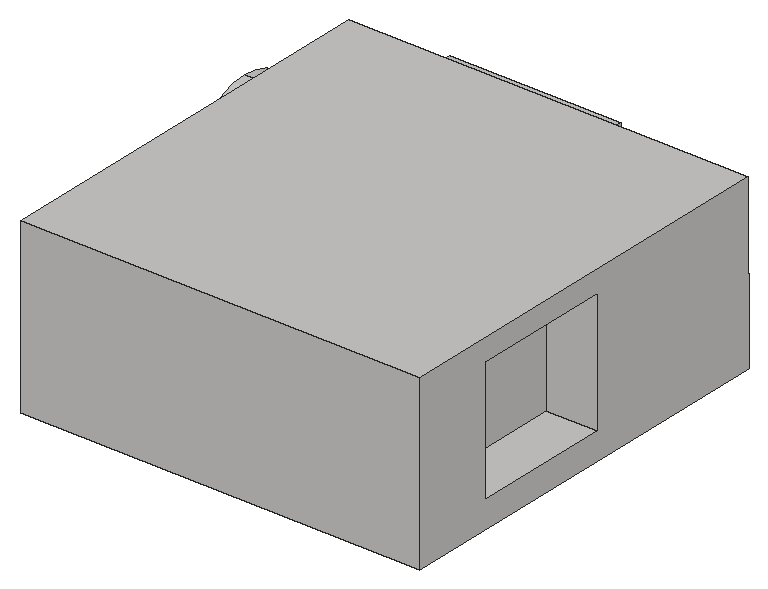
Revit family
Parameters
  Width = 4' - 0 1/8"
  Voltage = 120 V
  Unit Weight = "220.0 lbs"
  UltraLoc Liner = Choose Liner Option = 3  # no
  URL = "http://www.titus-hvac.com/"
  UL = "181"
  Supply Air Flow [instance] = 0 CFM
  SteriLoc Liner = Choose Liner Option = 2  # no
  Primary Air Pressure Drop [instance] = 0.00 in-wg
  Primary Air Flow [instance] = 0 CFM
  Plenum Air Pressure Drop [instance] = 0.00 in-wg
  Plenum Air Flow [instance] = 0 CFM
  Outlet Width = 1' - 4 1/2"
  Outlet Vertical Offset = 0' - 1 1/8"
  Outlet Horizontal Offset = 0' - 1 3/8"
  Outlet Height = 1' - 2 1/2"
  Number of Poles = 1
  Nominal Width = Width + 0' 6 1/4"  # 4' - 6 3/8"
  Nominal Length = Length + 0' 3 3/8"  # 4' - 2 1/4"
  Nominal Inlet Size = 1' - 4"
  Nominal Height = 1' - 8 1/8"
  NFPA = "90A"
  Motor Full Load Amps = 10 A
  Model = "DTQS"
  Min. Air Flow = 0 CFM
  Max. Air Flow = 0 CFM
  Material = Galvanized Steel
  Manufacturer = "Titus"
  Length = 3' - 10 7/8"
  Juction Box Offset = 0' - 6 7/8"
  Inlet Diameter = Nominal Inlet Size - 0' 0 1/8"  # 1' - 3 7/8"
  Induced offset = 0' - 1 1/4"
  Induced Air Inlet Offset = 0' - 4 1/2"
  Induced Air Inlet Width = 1' - 9"
  Induced Air Inlet Height = 1' - 5 1/2"
  Induced Air Filter = no
  Heating Total Capacity [instance] = 0 Btu/h
  Half Outlet Connection Width = Outlet Width / 2  # 0' - 8 1/4"
  Half Outlet Connection Height = Outlet Height / 2  # 0' - 7 1/4"
  Half Height Start = -(Nominal Height / 2)  # -0' - 10 1/16"
  Half Height End = Nominal Height / 2  # 0' - 10 1/16"
  HP-Motor = "1/3"
  Frequency = 60 Hz
  Filter Size = "27\"x20\""
  Fiber Free Liner = Choose Liner Option = 1  # no
  Fan Disconnect Switch = no
  Duct Radius = Nominal Inlet Size / 2  # 0' - 8"
  Description = "Series Fan Powered Terminal Unit, Direct Digital Control, Pressure Independent"
  Connection Void Radius = Connection Radius - 0' 0 1/4"  # 0' - 7 11/16"
  Connection Radius = Inlet Diameter / 2  # 0' - 7 15/16"
  Choose Liner Option = 0
  CADworks URL = "www.CADworks.net"
  Assembly Code = "D3040100"
  Apparent Power = Voltage * Motor Full Load Amps  # 1200 VA
  Air Inlet Offset = 0' - 11"
  1/2" Fiberglass Liner = Choose Liner Option = 0  # yes
Reference planes (in)
  plane 1 "Center (Front/Back)": y = 0
  plane 2: z = 0
  plane 3 "Center (Left/Right)": x = 3
  plane 4: x = -20.4375
  plane 5: x = 26.4375
  plane 6: x = -13.5625
  plane 7: x = -23.8125
  plane 8 "Center (Elevation)": z = 0
  plane 9: y = -24.0625
  plane 10: y = 24.0625
  plane 11: y = 13.0625
  plane 12: y = -19.5625
  plane 13: x = 20.4375
  plane 14: y = 30.3125
  plane 15: z = 10.0625
  plane 16: z = -10.0625
Forms (in)
  Extrusion 1, solid, material "Galvanized Steel" <- "Material"
    sketch origin (0, 0, 52) x (1, 0, 0) y (0, 1, 0)
      loop
        line (-20.4375, 24.0625) -> (-20.4375, -24.0625) -> (26.4375, -24.0625) -> (26.4375, 24.0625) -> (-20.4375, 24.0625)
    from -62.0625 <- "Half Height Start" to -41.9375 <- "Half Height End"
  Extrusion 2, solid, material "Galvanized Steel" <- "Material"
    sketch origin (5.0625, 0, -6) x (1, 0, 0) y (0, 1, 0)
      loop
        line (-18.625, 24.0625) -> (1.375, 24.0625) -> (1.375, 30.3125) -> (-18.625, 30.3125) -> (-18.625, 24.0625)
    from 0 to 12
  Extrusion 3, void
    sketch origin (26.4375, 24.0625, 53.125) x (0, 1, 0) y (0, 0, -1)
      loop
        line (-22.125, 45.5625) -> (-22.125, 60.0625) -> (-38.625, 60.0625) -> (-38.625, 45.5625) -> (-22.125, 45.5625)
    from 0 to 6
  Extrusion 4, solid, material "Galvanized Steel" <- "Material"
    sketch origin (-24.875, 0.5625, 0) x (0, 0, -1) y (0, 1, 0)
      loop
        circle (0, 12.5) r 7.9375
    from 1.0625 to 4.4375
  Extrusion 5, void
    sketch origin (-24.875, 0, 0) x (0, 1, 0) y (0, 0, 1)
      loop
        circle (13.0625, 0) r 7.6875
    from 1.0625 to 11.3125
  Extrusion 6, void
    sketch origin (-20.4375, -24.0625, 52) x (0, -1, 0) y (0, 0, -1)
      loop
        line (-25.5, 43.3125) -> (-4.5, 43.3125) -> (-4.5, 60.8125) -> (-25.5, 60.8125) -> (-25.5, 43.3125)
    from 0 to 6.875
Cuts and joins
  Extrusion 3, Extrusion 5, Extrusion 6 cuts Extrusion 1
  Extrusion 5 cuts Extrusion 4
Dimensions and locks (in)
  "Length": plane 5 to plane 4
  equal spacing: plane 5, plane 3 "Center (Left/Right)", plane 4
  locked: Extrusion 2 to plane 6 at 0
  locked: Extrusion 2 to Extrusion 2 at 20
  "Juction Box Offset": plane 6 to plane 4
  "Outlet Height": Extrusion 3 sketch curve to Extrusion 3 sketch curve
  "Outlet Width": Extrusion 3 sketch curve to Extrusion 3 sketch curve
  locked: plane 4 to plane 7 at 3.375
  "Width": plane 9 to plane 10
  equal spacing: plane 9, plane 1 "Center (Front/Back)", plane 10
  locked: Extrusion 4 sketch curve to level at 0
  locked: Extrusion 4 sketch curve to plane 11 at 0
  locked: Extrusion 5 sketch curve to level at 0
  locked: Extrusion 5 sketch curve to plane 11 at 0
  locked: Extrusion 2 to Extrusion 2 at 6.25
  "Air Inlet Offset": plane 10 to plane 11
  locked: Extrusion 2 to plane 10 at 0
  locked: cut or joined group of Extrusion 4, Extrusion 5 to plane 7 at 0
  locked: cut or joined group of Extrusion 4, Extrusion 5 to cut or joined group of Extrusion 4, Extrusion 5 at 3.375
  "Induced Air Inlet Offset": plane 9 to plane 12
  "Induced Air Inlet Width": Extrusion 6 sketch curve to Extrusion 6 sketch curve
  "Induced Air Inlet Height": Extrusion 6 sketch curve to Extrusion 6 sketch curve
  "Induced Air Inlet Offset": Extrusion 6 sketch curve to plane 9
  locked: plane 9 to Extrusion 3 sketch curve at 9.5
  cut or joined group of Extrusion 1, Extrusion 3, Extrusion 5, Extrusion 6 to Extrusion 3 sketch curve = 0' - 3 1/8"
  locked: Extrusion 2 to Extrusion 2 at 12
  equal spacing: Extrusion 2, level, Extrusion 2
  locked: cut or joined group of Extrusion 1, Extrusion 3, Extrusion 5, Extrusion 6 to cut or joined group of Extrusion 1, Extrusion 3, Extrusion 5, Extrusion 6 at 20.125
  equal spacing: cut or joined group of Extrusion 1, Extrusion 3, Extrusion 5, Extrusion 6, level, cut or joined group of Extrusion 1, Extrusion 3, Extrusion 5, Extrusion 6
  "Induced offset": Extrusion 6 sketch curve to cut or joined group of Extrusion 1, Extrusion 3, Extrusion 5, Extrusion 6
  "Connection Radius": radius of Extrusion 4 sketch curve
  "Connection Void Radius": radius of Extrusion 5 sketch curve
  aligned and locked: plane 6 to Extrusion 6
  aligned and locked: Extrusion 3 to plane 13
  aligned and locked: plane 5 to cut or joined group of Extrusion 1, Extrusion 3, Extrusion 5, Extrusion 6
  aligned and locked: cut or joined group of Extrusion 1, Extrusion 3, Extrusion 5, Extrusion 6 to plane 4
  aligned and locked: cut or joined group of Extrusion 1, Extrusion 3, Extrusion 5, Extrusion 6 to plane 10
  aligned and locked: plane 9 to cut or joined group of Extrusion 1, Extrusion 3, Extrusion 5, Extrusion 6
  aligned and locked: Extrusion 1 to Extrusion 6
  aligned and locked: Extrusion 5 to plane 7
  aligned and locked: plane 6 to Extrusion 5
Automatic sketch dimensions
  Extrusion 1 sketch curve to plane 4 = 0' - 0"
  plane 5 to Extrusion 1 sketch curve = 0' - 0"
  Extrusion 1 sketch curve to plane 9 = 0' - 0"
  Extrusion 1 sketch curve to plane 10 = 0' - 0"
  Extrusion 2 sketch curve to plane 6 = 0' - 0"
  Extrusion 2 sketch curve to plane 10 = 0' - 0"
  plane 3 "Center (Left/Right)" to Extrusion 2 sketch curve = 0' - 3 7/16"
  Extrusion 2 sketch curve to plane 10 = 0' - 6 1/4"
Connectors (in)
  electrical at (-3.5625, 30.3125, 0), driven by "Apparent Power", driven by "Voltage", driven by "Number of Poles"
    settings: on Extrusion 2, index 8
  hvac at (-23.8125, 13.0625, 0), driven by "Primary Air Flow", driven by "Duct Radius", driven by "Primary Air Pressure Drop"
    settings: on cut or joined group of Extrusion 4, Extrusion 5, index 9
  hvac at (-20.4375, -9.0625, -0.0625), driven by "Induced Air Inlet Height", driven by "Induced Air Inlet Width", driven by "Plenum Air Pressure Drop", driven by "Plenum Air Flow"
    settings: on cut or joined group of Extrusion 1, Extrusion 3, Extrusion 5, Extrusion 6, index 12
  hvac at (26.4375, -6.3125, 0.3125), driven by "Supply Air Flow", driven by "Outlet Width", driven by "Outlet Height"
    settings: on cut or joined group of Extrusion 1, Extrusion 3, Extrusion 5, Extrusion 6, index 13
